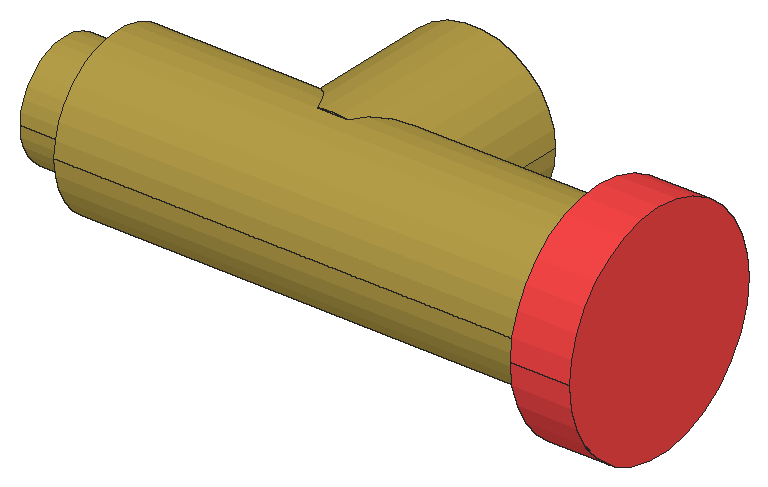
Revit family "Осевой термостатический вентиль «Standart»", category Арматура трубопроводов, Revit 2020
Family settings
  Размер круглого соединителя = Использовать диаметр
  Тип детали = Клапан - Вставляется
  Номер OmniClass = 23.65.55.14.21
  Заголовок OmniClass = Non-Return Valves for Liquid Services
  На основе рабочей плоскости = Нет
  Всегда вертикально = Нет
  При загрузке вырезать с полостями = Нет
  Общий = Да
Parameters (values of type "Dn15")
  Отметка по умолчанию = 0 mm
  Материал клапана = Латунь
  K Coefficient = 0.54
  Толщина крышки = 0.15 * Длина корпуса  # 10.8 mm
  Высота крышки = 36 mm
  Диаметр крышки = 39 mm
  Длина корпуса = 72 mm
  Диаметр корпуса = 0.6 * Диаметр адаптера  # 9 mm
  Длина адаптера = 0.1 * Длина корпуса  # 7.2 mm
  Диаметр адаптера = 1 * ADSK_Диаметр условный  # 15 mm
  URL = "https://www.weser.ru/about/documentation/"
  Kvs [instance] = 0.0 m³/h
  ADSK_Позиция = ""
  ADSK_Наименование краткое = "Термостатический вентиль"  # constant formula
  ADSK_Наименование [instance] = "Осевой термостатический вентиль «Standart» Dn15"
  ADSK_Масса_Текст = ""
  ADSK_Код изделия [instance] = "820020.101"
  ADSK_Завод-изготовитель [instance] = "Weser"  # constant formula
  ADSK_Единица измерения [instance] = "шт."  # constant formula
  ADSK_Диаметр условный = 15 mm
  ADSK_Группирование [instance] = ""
Reference planes
  plane 1 "По центру (Вперед/Назад)": y = 0
  plane 2: z = 0
  plane 3 "По центру (Влево/Вправо)": x = 0
  plane 4: x = -36
  plane 5: x = 36
  plane 6: x = -28.8
  plane 7: z = 25.2
  plane 8: z = 36
  plane 9: z = -10.8
  plane 10: z = -16.8
  plane 11: x = -3.6
  plane 12: x = -10.8
  plane 13: y = 23.671
  plane 14: y = -23.671
  plane 15: x = 44
Forms (mm)
  Extrusion 1, solid, material "Латунь" <- "Материал клапана", detail levels fine
    sketch origin (0, 0, 0) x (0, 1, 0) y (0, 0, 1)
      loop
        circle (0, 0) r 10.8
    from -28.8 to 36
  Extrusion 2, solid, material "Латунь" <- "Материал клапана", detail levels fine
    sketch origin (0, 0, 0) x (1, 0, 0) y (0, 0, 1)
      loop
        circle (0, 0) r 11
    from -23.739 to 0
  Extrusion 3, solid, material "Латунь" <- "Материал клапана", detail levels fine
    sketch origin (-41, 552.765, 1219.2) x (0, 1, 0) y (0, 0, 1)
      loop
        circle (-552.765, -1219.2) r 7.5
    from 5 to 12.2
  Extrusion 4, solid, material "Пластик Красный", detail levels fine
    sketch origin (41, 0.864, 0.351) x (0, 1, 0) y (0, 0, 1)
      loop
        circle (-0.864, -0.351) r 15
    from -5 to 3
Cuts and joins
  joined: Extrusion 1, Extrusion 2, Extrusion 3
Dimensions and locks
  equal spacing: plane 4, plane 3 "По центру (Влево/Вправо)", plane 5
  "Длина корпуса": plane 4 to plane 5
  "Длина адаптера": plane 4 to plane 6
  "Толщина крышки": plane 8 to plane 7
  "Высота крышки": plane 8 to plane 2
  locked: plane 2 to plane 9 at 10.8
  locked: plane 9 to plane 10 at 6
  locked: plane 3 "По центру (Влево/Вправо)" to plane 11 at 3.6
  locked: plane 3 "По центру (Влево/Вправо)" to plane 12 at 10.8
  locked: plane 13 to plane 1 "По центру (Вперед/Назад)" at 23.671
  locked: plane 1 "По центру (Вперед/Назад)" to plane 14 at 23.671
  plane 5 to plane 15 = 8 mm
  "Толщина крышки": radius of Extrusion 1 sketch curve
  "ADSK_Диаметр условный": diameter of Extrusion 3 sketch curve
  radius of Extrusion 4 sketch curve = 15 mm
  aligned and locked: plane 2 to Extrusion 1 sketch curve
  aligned and locked: plane 1 "По центру (Вперед/Назад)" to Extrusion 1 sketch curve
  aligned and locked: Extrusion 1 to plane 6
  aligned and locked: plane 3 "По центру (Влево/Вправо)" to Extrusion 2 sketch curve
  aligned and locked: plane 6 to Extrusion 3
  aligned and locked: Extrusion 3 to plane 4
  aligned and locked: plane 5 to Extrusion 1
  aligned and locked: plane 15 to Extrusion 4
  aligned and locked: Extrusion 4 to plane 5
Automatic sketch dimensions
  Extrusion 2 sketch curve to level = 0 mm
  Extrusion 3 sketch curve to level = 0 mm
  Extrusion 3 sketch curve to plane 1 "По центру (Вперед/Назад)" = 0 mm
  Extrusion 4 sketch curve to level = 0 mm
  Extrusion 4 sketch curve to plane 1 "По центру (Вперед/Назад)" = 0 mm
  radius of Extrusion 2 sketch curve = 11 mm
Nested families
  nested 1: "УГО Клапан регулирующий угловой" at (0, 0, 0) x (0, -1, 0) z (0, 0, 1), type "УГО Клапан регулирующий проходной", detail levels coarse+medium
    with УГО в разрезе no, УГО в плане yes, L1 12.994 mm, L 90.956 mm, H 27.362 mm, D 27.362 mm, ADSK_Позиция "", ADSK_Обозначение "", ADSK_Наименование "", ADSK_Код изделия ""
Connectors
  piping at (-28.8, 0, 0), diameter 15, driven by "ADSK_Диаметр условный"
    settings: on cut or joined group of Extrusion 1, Extrusion 2, Extrusion 3, index 1, connector inside diameter 609.6 mm, connector length 0 mm, flow factor 0, pipe flow 0.0 m³/h, pressure drop 0.0 Pa, fitting loss kfactor 0, connector angle 0.00°, fixture units 0, engagement length 0 mm, angle of deflection 0.00°, flow configuration 0, flow direction 0, fitting loss method 0, system type 29, joint type 0, gender type 0, connector reference index 2, connector utility 0, adjustable connector no, is connector primary yes, connector description ""
  piping at (0, 23.739, 0), diameter 15, driven by "ADSK_Диаметр условный"
    settings: on cut or joined group of Extrusion 1, Extrusion 2, Extrusion 3, index 2, connector inside diameter 609.6 mm, connector length 0 mm, flow factor 0, pipe flow 0.0 m³/h, pressure drop 0.0 Pa, fitting loss kfactor 0, connector angle 90.00°, fixture units 0, engagement length 0 mm, angle of deflection 0.00°, flow configuration 0, flow direction 0, fitting loss method 0, system type 29, joint type 0, gender type 0, connector reference index 1, connector utility 0, adjustable connector no, is connector primary no, connector description ""
  piping at (36, 0, 0), diameter 30
    settings: on Extrusion 4, index 3, connector inside diameter 609.6 mm, connector length 0 mm, flow factor 0, pipe flow 0.0 m³/h, pressure drop 0.0 Pa, fitting loss kfactor 0, connector angle 0.00°, fixture units 0, engagement length 0 mm, angle of deflection 0.00°, flow configuration 0, flow direction 0, fitting loss method 0, system type 28, joint type 0, gender type 0, connector reference index -1, connector utility 0, adjustable connector no, is connector primary no, connector description ""
Definition of nested family "УГО Клапан регулирующий угловой"
  Parameters (values of type "УГО Клапан запорно-балансировочный ручной")
    УГО в разрезе [instance] = not(УГО в плане)  # no
    УГО в плане [instance] = yes
    Разработчик (телефон) = ""
    Разработчик (email) = ""
    Разработчик (URL) = ""
    Разработчик = ""
    Default Elevation = 0 mm
    Manufacturer = ""
    L1 [instance] = L / 7  # 14.286 mm
    L [instance] = 100 mm
    H [instance] = D  # 44.634 mm
    D [instance] = 44.634 mm
    ADSK_Позиция [instance] = ""
    ADSK_Обозначение [instance] = ""
    ADSK_Наименование [instance] = ""
    ADSK_Масса = 0
    ADSK_Количество = 1  # constant formula
    ADSK_Код изделия [instance] = ""
    ADSK_Завод-изготовитель = Manufacturer  # ""
    ADSK_Единица измерения = "шт"  # constant formula
    ADSK_URL документации изделия = ""
  Types (3, lengths in mm): name | L1 | L | H | D
    УГО Клапан регулирующий проходной | 3.146 | 22.023 | 44.634 | 44.634
    УГО Клапан запорный | 28.571 | 200 | 100 | 100
    УГО Клапан запорно-балансировочный ручной | 14.286 | 100 | 44.634 | 44.634
  Reference planes
    plane 1 "По центру (Вперед/Назад)": y = 0
    plane 2: z = 0
    plane 3 "По центру (Влево/Вправо)": x = 0
    plane 4: x = -50
    plane 5: x = -7.143
    plane 6: x = 50
    plane 7: x = 7.143
    plane 8: y = 44.634
    plane 9: y = 22.317
    plane 10: y = -22.317
    plane 11: z = 22.317
    plane 12: z = 44.634
    plane 13: z = -22.317
    plane 14: x = -22.317
    plane 15: x = 22.317
    plane 16: y = 50
    plane 17: y = -50
    plane 18: y = -35
    plane 19: x = -35
  Lines and regions (mm)
    symbolic lines, detail levels coarse+medium
      curve 1: line (-35, 22.317, 0) -> (-35, -22.317, 0)
      curve 2: line (-35, -22.317, 0) -> (0, 0, 0)
      curve 3: line (0, 0, 0) -> (-35, 22.317, 0)
      curve 4: line (0, 0, 0) -> (-7.143, 22.317, 0)
      curve 5: line (-7.143, 22.317, 0) -> (7.143, 22.317, 0)
      curve 6: line (7.143, 22.317, 0) -> (0, 0, 0)
      curve 7: line (0, 22.317, 0) -> (0, 44.634, 0)
      curve 8: line (-22.317, -35, 0) -> (22.317, -35, 0)
      curve 9: line (22.317, -35, 0) -> (0, 0, 0)
      curve 10: line (0, 0, 0) -> (-22.317, -35, 0)
  Dimensions and locks
    equal spacing: plane 4, plane 3 "По центру (Влево/Вправо)", plane 6
    "L": plane 4 to plane 6
    equal spacing: plane 5, plane 3 "По центру (Влево/Вправо)", plane 7
    "L1": plane 5 to plane 7
    equal spacing: plane 9, plane 1 "По центру (Вперед/Назад)", plane 10
    "D": plane 9 to plane 10
    "H": plane 8 to plane 1 "По центру (Вперед/Назад)"
    equal spacing: plane 11, level, plane 13
    "D": plane 11 to plane 13
    "H": plane 12 to level
    "D": plane 14 to plane 15
    equal spacing: plane 14, plane 3 "По центру (Влево/Вправо)", plane 15
    "L": plane 16 to plane 17
    equal spacing: plane 16, plane 1 "По центру (Вперед/Назад)", plane 17
    locked: plane 18 to plane 17 at 15
    locked: plane 4 to plane 19 at 15
    aligned and locked: level to plane 2
    aligned and locked: curve 1 to plane 19
    aligned and locked: curve 8 to plane 18
    aligned and locked: plane 19 to curve 2
    aligned and locked: plane 9 to curve 3
  Automatic sketch dimensions
    curve 10 to plane 14 = 0 mm
    curve 4 to plane 5 = 0 mm
    plane 1 "По центру (Вперед/Назад)" to curve 4 = 0 mm
    curve 4 to plane 3 "По центру (Влево/Вправо)" = 0 mm
    curve 7 to plane 3 "По центру (Влево/Вправо)" = 0 mm
    curve 5 to plane 7 = 0 mm
    curve 8 to plane 15 = 0 mm
    plane 10 to curve 2 = 0 mm
    curve 6 to plane 9 = 0 mm
    curve 7 to plane 8 = 0 mm
